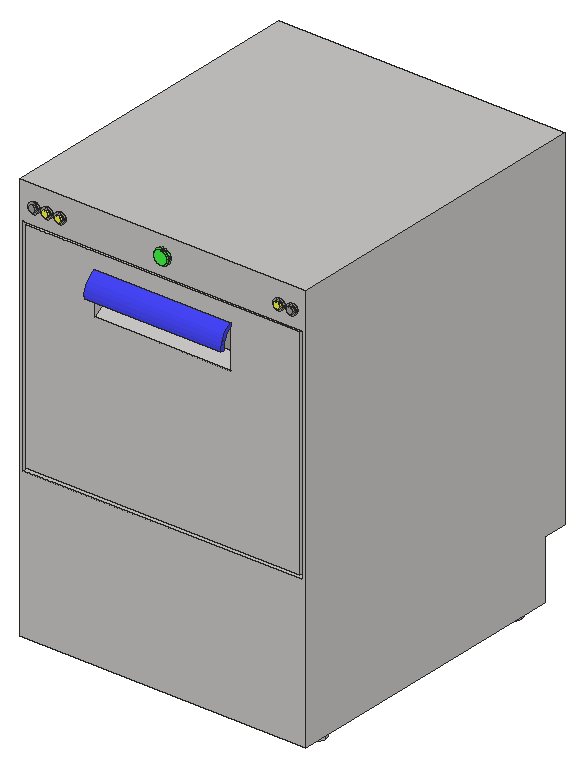
Revit family "QF_ELECTROLUXPROFESSIONAL_402276_EXSG6", category Specialty Equipment, Revit 2018
Family settings
  Round Connector Dimension = Use Diameter
  Part Type = Normal
  Work Plane-Based = No
  Always vertical = Yes
  Cut with Voids When Loaded = No
  Shared = No
  Room Calculation Point = No
Parameters
  Weight = 35.00 kg
  Watts = 0 W
  Volts = 0 V
  URL Manufacturer = ""
  URL = "http://professional.electrolux.com/"
  Steam Supply Size = 0 mm
  Steam Supply Minimum Pressure = 0.0 Pa
  Steam Supply Maximum Pressure = 0.0 Pa
  Steam Pounds per Hour = 0
  Show Logo [instance] = yes
  Show Clearance [instance] = yes
  Refrigeration Suction Line Size = 0 mm
  Refrigeration Liquid Line Size = 0 mm
  Refrigerant Compressor Remote = yes
  Manufacturer = ""
  Phase = 0
  Model = ""
  Length Actual = 440 mm  # constant formula
  Item Number = ""
  Hot Water Size = 0 mm
  Height Actual = 640 mm  # constant formula
  HP = "3.6 HP"
  Gas Size = 0 mm
  Gas KW = 0
  Gas Input Pressure = 0 W
  Direct Waste Size = 29 mm
  Description = ""
  Depth Actual = 497 mm  # constant formula
  Cycle = 0 Hz
  Condensate Return Size = 0 mm
  Compressed Air Volume = 0.0 L/s
  Compressed Air Size = 0 mm
  Compressed Air Pressure = 0.0 Pa
  Cold Water Size = 0 mm
  Accessory = yes
Types (2, lengths in mm): name | Volts | URL Manufacturer | URL | Manufacturer | Phase | Model | Item Number | Description | Cycle | Cold Water Size
  (no name) | 0 V | "" | "http://professional.electrolux.com/" | "" | 0 | "" | "" | "" | 0 Hz | 0
  Standard | 220 V | "http://professional.electrolux.com" | "http://professional.electrolux.com" | "Electrolux Professional" | 1 | "EXSG6" | "402276" | "GLASSWASHER(XS), SINGLE SKIN, DRAIN PUMP, DETERGENT DISPENSER, 60HZ, 30B/H" | 60 Hz | 19.05
Reference planes
  plane 1 "Center (Front/Back)": y = 0
  plane 2: z = 0
  plane 3 "Center (Left/Right)": x = 0
  plane 4 "LEFT": x = -220
  plane 5 "RIGHT": x = 220
  plane 6 "FRONT": y = -248.5
  plane 7 "BACK": y = 248.5
  plane 8: z = 640
  plane 9: z = 10
  plane 10: y = 209.5
Forms (mm)
  Extrusion 1, solid, material "QF_Finishes_Stainless Steel"
    sketch origin (0, 0, 0) x (1, 0, 0) y (0, 1, 0)
      loop
        line (-220, -248.5) -> (220, -248.5) -> (220, 209.5) -> (-220, 209.5) -> (-220, -248.5)
    from 10 to 640
  Extrusion 2, solid, material "QF_Finishes_Stainless Steel"
    sketch origin (0, 0, 0) x (1, 0, 0) y (0, 1, 0)
      loop
        line (-220, 209.5) -> (220, 209.5) -> (220, 248.5) -> (-220, 248.5) -> (-220, 209.5)
    from 100 to 640
  Extrusion 3, solid, material "QF_Finishes_Stainless Steel"
    sketch origin (0, 0, 0) x (1, 0, 0) y (0, 1, 0)
      loop
        circle (-200.5, 174.5) r 12.5
      loop
        circle (200.5, 174.5) r 12.5
      loop
        circle (-200.5, -201.5) r 12.5
      loop
        circle (200.5, -201.5) r 12.5
    from 0 to 10
  Extrusion 4, void
    sketch origin (-220, -248.5, 0) x (-1, 0, 0) y (0, 0, 1)
      loop
        line (-5, 583.217) -> (-435, 583.217) -> (-435, 240) -> (-5, 240) -> (-5, 583.217)
    from 0 to 30
  Extrusion 5, solid, material "QF_Finishes_Stainless Steel"
    sketch origin (-155, -431, 752) x (0, 0, -1) y (1, 0, 0)
      loop
        circle (693, 223) r 10
    from -640.5 to -679.5
  Extrusion 6, solid, material "QF_Door-Drawer Clearances", visible <- "Show Clearance", detail levels coarse
    sketch origin (-230, -282.5, 0) x (0, 1, 0) y (0, 0, -1)
      loop
        line (34, -245) -> (-259, -245)
        arc (-259, -245) -> (-178.223, -469.983) -> (34, -580) r 327.223
        line (34, -580) -> (34, -245)
    from -20 to -440
  Extrusion 7, solid, material "QF_Finishes_Stainless Steel"
    sketch origin (-434.481, -431, 722) x (0, 0, -1) y (1, 0, 0)
      loop
        circle (663, 332.481) r 8
    from -640.5 to -679.5
  Extrusion 8, solid, material "QF_Finishes_Stainless Steel"
    sketch origin (-230, -282.5, 0) x (0, 1, 0) y (0, 0, -1)
      loop
        line (34, -245) -> (34, -580) -> (59, -580) -> (59, -245) -> (34, -245)
    from -19.799 to -440
  Extrusion 9, solid, material "QF_Finishes_Stainless Steel"
    sketch origin (-275, -431, 682.5) x (0, 0, -1) y (1, 0, 0)
      loop
        circle (663, 238) r 8
    from -640.5 to -679.5
  Extrusion 10, solid, material "QF_Finishes_Green"
    sketch origin (-230, -248.5, 0) x (1, 0, 0) y (0, 0, 1)
      loop
        circle (230, 610.819) r 12
      loop
        circle (230, 610.819) r 10
    from 0 to 2.5
  Extrusion 11, void
    sketch origin (-225.452, 209.5, 42.5) x (0, 1, 0) y (0, 0, 1)
      loop
        line (-458, 508.217) -> (-458, 447.5) -> (-436.349, 460) -> (-458, 508.217)
    from 120.452 to 330.452
  Extrusion 12, solid, material "QF_Finishes_Blue"
    sketch origin (-220, 209.5, 0) x (0, -1, 0) y (0, 0, 1)
      loop
        line (458, 555.863) -> (458, 550.513)
        arc (458, 550.513) -> (469.966, 539.801) -> (472.861, 524.005) r 24.803
        line (472.861, 524.005) -> (477.907, 524.005)
        arc (477.907, 524.005) -> (473.605, 543.465) -> (458, 555.863) r 29.803
    from -325 to -115
  Extrusion 13, solid, material "QF_Finishes_Green"
    sketch origin (234, -248.5, -28.75) x (-1, 0, 0) y (0, 0, -1)
      loop
        circle (234, -639.569) r 10
    from 0 to 5
  Extrusion 14, solid, material "QF_Finishes_Gray"
    sketch origin (109.577, -248.5, -30.575) x (-1, 0, 0) y (0, 0, -1)
      loop
        circle (306.936, -638.972) r 5
    from 0 to 5
  Extrusion 15, solid, material "QF_Finishes_Gray"
    sketch origin (-63.82, -248.5, -35.2) x (1, 0, 0) y (0, 0, 1)
      loop
        circle (262.936, 643.347) r 8
      loop
        circle (262.936, 643.347) r 5
      loop
        circle (242.936, 643.347) r 8
      loop
        circle (242.936, 643.347) r 5
    from 0 to 2.5
  Extrusion 16, solid, material "QF_Finishes_Gray"
    sketch origin (-87.82, -248.5, -30.825) x (1, 0, 0) y (0, 0, 1)
      loop
        circle (286.936, 638.972) r 5
    from 0 to 5
  Extrusion 17, solid, material "QF_Finishes_Gray"
    sketch origin (85.577, -248.5, -34.95) x (-1, 0, 0) y (0, 0, -1)
      loop
        circle (262.936, -643.347) r 8
      loop
        circle (262.936, -643.347) r 5
      loop
        circle (242.936, -643.347) r 8
      loop
        circle (242.936, -643.347) r 5
      loop
        circle (282.936, -643.347) r 8
      loop
        circle (282.936, -643.347) r 5
    from 0 to 2.5
  Extrusion 18, solid, material "QF_Finishes_Yellow"
    sketch origin (129.577, -248.5, -30.575) x (-1, 0, 0) y (0, 0, -1)
      loop
        circle (306.936, -638.972) r 5
    from 0 to 5
  Extrusion 19, solid, material "QF_Finishes_Yellow"
    sketch origin (149.577, -248.5, -30.575) x (-1, 0, 0) y (0, 0, -1)
      loop
        circle (306.936, -638.972) r 5
    from 0 to 5
  Extrusion 20, solid, material "QF_Finishes_Yellow"
    sketch origin (486.051, -248.5, -30.825) x (-1, 0, 0) y (0, 0, -1)
      loop
        circle (306.936, -638.972) r 5
    from 0 to 5
Cuts and joins
  Extrusion 4 cuts Extrusion 1
  joined: Extrusion 1, Extrusion 2
  Extrusion 11 cuts Extrusion 8
Lines and regions (mm)
  Split face 1
    outline origin (-220, -248.5, 640) x (0, 0, -1) y (1, 0, 0)
      loop
        line (56.783, 5) -> (56.783, 0)
      loop
        line (56.783, 435) -> (56.783, 440)
      loop
        line (22.034, 440) -> (22.034, 369.297)
        arc (22.034, 369.297) -> (22.64, 366.25) -> (24.366, 363.667) r 7.962
        line (24.366, 363.667) -> (44.289, 343.744)
        arc (44.289, 343.744) -> (46.135, 340.982) -> (46.783, 337.723) r 8.515
        line (46.783, 337.723) -> (46.783, 239.844)
        arc (46.783, 239.844) -> (46.096, 238.186) -> (44.439, 237.5) r 2.344
        line (44.439, 237.5) -> (15.017, 237.5)
        arc (15.017, 237.5) -> (12.73, 236.553) -> (11.783, 234.266) r 3.234
        line (11.783, 234.266) -> (11.783, 220) -> (11.783, 205.734)
        arc (11.783, 205.734) -> (12.73, 203.447) -> (15.017, 202.5) r 3.234
        line (15.017, 202.5) -> (44.439, 202.5)
        arc (44.439, 202.5) -> (46.096, 201.814) -> (46.783, 200.156) r 2.344
        line (46.783, 200.156) -> (46.783, 102.277)
        arc (46.783, 102.277) -> (46.135, 99.018) -> (44.289, 96.256) r 8.515
        line (44.289, 96.256) -> (24.366, 76.333)
        arc (24.366, 76.333) -> (22.64, 73.75) -> (22.034, 70.703) r 7.962
        line (22.034, 70.703) -> (22.034, 0)
  symbolic lines
    curve 1: line (-220, 248.5, 0) -> (220, 248.5, 0)
    curve 2: line (-220, -248.5, 0) -> (-220, 248.5, 0)
    curve 3: line (220, -248.5, 0) -> (-220, -248.5, 0)
    curve 4: line (220, 248.5, 0) -> (220, -248.5, 0)
    curve 8: line (-12, -251, 0) -> (12, -251, 0)
    curve 9: line (12, -251, 0) -> (12, -248.5, 0)
    curve 10: line (-12, -251, 0) -> (-12, -248.5, 0)
    curve 11: line (-10, -253.5, 0) -> (10, -253.5, 0)
    curve 12: line (10, -253.5, 0) -> (10, -251, 0)
    curve 13: line (-10, -253.5, 0) -> (-10, -251, 0)
    curve 16: line (-205.359, -251, 0) -> (-205.359, -248.5, 0)
    curve 17: line (-189.368, -251, 0) -> (-189.368, -248.5, 0)
    curve 18: line (-202.346, -253.5, 0) -> (-192.355, -253.5, 0)
    curve 19: line (-192.355, -253.5, 0) -> (-192.355, -251, 0)
    curve 20: line (-202.346, -253.5, 0) -> (-202.346, -251, 0)
    curve 21: line (-185.355, -251, 0) -> (-169.355, -251, 0)
    curve 22: line (-169.355, -251, 0) -> (-169.355, -248.5, 0)
    curve 23: line (-185.355, -251, 0) -> (-185.355, -248.5, 0)
    curve 24: line (-182.355, -253.5, 0) -> (-172.355, -253.5, 0)
    curve 25: line (-172.355, -253.5, 0) -> (-172.355, -251, 0)
    curve 26: line (-182.355, -253.5, 0) -> (-182.355, -251, 0)
    curve 27: line (-165.355, -251, 0) -> (-149.355, -251, 0)
    curve 28: line (-149.355, -251, 0) -> (-149.355, -248.5, 0)
    curve 29: line (-165.355, -251, 0) -> (-165.355, -248.5, 0)
    curve 30: line (-162.355, -253.5, 0) -> (-152.355, -253.5, 0)
    curve 31: line (-152.355, -253.5, 0) -> (-152.355, -251, 0)
    curve 32: line (-162.355, -253.5, 0) -> (-162.355, -251, 0)
    curve 33: line (171.115, -251, 0) -> (187.115, -251, 0)
    curve 34: line (187.115, -251, 0) -> (187.115, -248.5, 0)
    curve 35: line (174.115, -253.5, 0) -> (184.115, -253.5, 0)
    curve 36: line (184.115, -253.5, 0) -> (184.115, -251, 0)
    curve 37: line (174.115, -253.5, 0) -> (174.115, -251, 0)
    curve 38: line (171.115, -251, 0) -> (171.115, -248.5, 0)
    curve 39: line (191.115, -251, 0) -> (207.115, -251, 0)
    curve 40: line (207.115, -251, 0) -> (207.115, -248.5, 0)
    curve 41: line (194.115, -253.5, 0) -> (204.115, -253.5, 0)
    curve 42: line (204.115, -253.5, 0) -> (204.115, -251, 0)
    curve 43: line (194.115, -253.5, 0) -> (194.115, -251, 0)
    curve 44: line (191.115, -251, 0) -> (191.115, -248.5, 0)
    curve 45: line (-105, -248.5, 0) -> (-105, -268.634, 0)
    curve 46: line (105, -248.5, 0) -> (105, -268.634, 0)
    curve 47: line (105, -268.634, 0) -> (-105, -268.634, 0)
  symbolic lines, style "QF_Door-Drawer Clearances"
    curve 5: line (-210, -541.5, 0) -> (210, -541.5, 0)
    curve 6: line (210, -541.5, 0) -> (210, -248.5, 0)
    curve 7: line (-210, -541.5, 0) -> (-210, -248.5, 0)
  symbolic lines, style "SpecialityEquipmentHiddenLines"
    curve 14: line (-220, 209.5, 0) -> (220, 209.5, 0)
  symbolic lines, style "SpecialityEquipment"
    curve 15: line (-205.359, -251, 0) -> (-189.368, -251, 0)
Dimensions and locks
  equal spacing: plane 4 "LEFT", plane 3 "Center (Left/Right)", plane 5 "RIGHT"
  equal spacing: plane 7 "BACK", plane 1 "Center (Front/Back)", plane 6 "FRONT"
  plane 7 "BACK" to plane 6 "FRONT" = 497 mm
  plane 4 "LEFT" to plane 5 "RIGHT" = 440 mm
  locked: plane 9 to level at 10
  plane 4 "LEFT" to plane 3 "Center (Left/Right)" = 220 mm
  plane 8 to level = 640 mm  (x2)
  level to Extrusion 9 sketch curve = 19.5 mm
  Extrusion 9 sketch curve to plane 4 "LEFT" = 183 mm
  level to Extrusion 5 sketch curve = 59 mm
  Extrusion 5 sketch curve to plane 4 "LEFT" = 288 mm
  Extrusion 7 sketch curve to plane 4 "LEFT" = 118 mm
  level to Extrusion 7 sketch curve = 59 mm
  Extrusion 3 to cut or joined group of Extrusion 1, Extrusion 2, Extrusion 4 = 74 mm
  Extrusion 3 to Extrusion 3 = 376 mm
  plane 6 "FRONT" to Extrusion 3 = 47 mm
  plane 1 "Center (Front/Back)" to plane 6 "FRONT" = 248.5 mm
  locked: plane 7 "BACK" to plane 10 at 39
  plane 6 "FRONT" to curve 5 = 293 mm
  Extrusion 8 to cut or joined group of Extrusion 1, Extrusion 2, Extrusion 4 = 340 mm
  aligned and locked: level to plane 2
  aligned and locked: Extrusion 1 sketch curve to plane 6 "FRONT"
  aligned and locked: Extrusion 1 sketch curve to plane 4 "LEFT"
  aligned and locked: plane 5 "RIGHT" to Extrusion 1 sketch curve
  aligned and locked: Extrusion 1 to plane 9
  aligned and locked: Extrusion 2 sketch curve to Extrusion 1
  aligned and locked: plane 7 "BACK" to Extrusion 2 sketch curve
  aligned and locked: plane 5 "RIGHT" to Extrusion 2 sketch curve
  aligned and locked: plane 9 to Extrusion 3
  aligned and locked: cut or joined group of Extrusion 1, Extrusion 2, Extrusion 4 to plane 10
Automatic sketch dimensions
  Extrusion 11 sketch curve to plane 6 "FRONT" = 0 mm
  plane 6 "FRONT" to Extrusion 11 sketch curve = 21.651 mm
  Extrusion 11 sketch curve to plane 8 = 150 mm
  Extrusion 11 sketch curve to Extrusion 11 sketch curve = 12.5 mm
  Extrusion 11 sketch curve to Extrusion 11 sketch curve = 48.217 mm
  Extrusion 13 sketch curve to Extrusion 13 sketch curve = 0 mm  (x2)
  Extrusion 13 sketch curve to plane 3 "Center (Left/Right)" = 0 mm
  Extrusion 13 sketch curve to plane 8 = 29.181 mm
  plane 3 "Center (Left/Right)" to Extrusion 13 sketch curve = 10 mm
  Extrusion 14 sketch curve to Extrusion 14 sketch curve = 0 mm  (x2)
  Extrusion 14 sketch curve to plane 8 = 31.603 mm
  Extrusion 14 sketch curve to plane 3 "Center (Left/Right)" = 197.359 mm
  Extrusion 14 sketch curve to Extrusion 14 sketch curve = 5 mm
  Extrusion 15 sketch curve to Extrusion 15 sketch curve = 0 mm  (x5)
  plane 3 "Center (Left/Right)" to Extrusion 15 sketch curve = 179.115 mm
  Extrusion 15 sketch curve to Extrusion 15 sketch curve = 20 mm
  Extrusion 15 sketch curve to plane 8 = 31.853 mm
  Extrusion 16 sketch curve to plane 8 = 31.853 mm
  plane 3 "Center (Left/Right)" to Extrusion 16 sketch curve = 199.115 mm
  Extrusion 16 sketch curve to Extrusion 16 sketch curve = 5 mm
  Extrusion 17 sketch curve to Extrusion 17 sketch curve = 0 mm  (x8)
  Extrusion 17 sketch curve to plane 3 "Center (Left/Right)" = 157.359 mm
  Extrusion 17 sketch curve to Extrusion 17 sketch curve = 20 mm  (x2)
  Extrusion 17 sketch curve to plane 8 = 31.603 mm
  Extrusion 18 sketch curve to Extrusion 18 sketch curve = 0 mm  (x2)
  Extrusion 18 sketch curve to plane 8 = 31.603 mm
  Extrusion 18 sketch curve to plane 3 "Center (Left/Right)" = 177.359 mm
  Extrusion 18 sketch curve to Extrusion 18 sketch curve = 5 mm
  Extrusion 19 sketch curve to Extrusion 19 sketch curve = 0 mm  (x2)
  Extrusion 19 sketch curve to plane 3 "Center (Left/Right)" = 157.359 mm
  Extrusion 19 sketch curve to plane 8 = 31.603 mm
  Extrusion 19 sketch curve to Extrusion 19 sketch curve = 5 mm
  Extrusion 20 sketch curve to Extrusion 20 sketch curve = 0 mm  (x2)
  plane 3 "Center (Left/Right)" to Extrusion 20 sketch curve = 179.115 mm
  Extrusion 20 sketch curve to plane 8 = 31.853 mm
  Extrusion 20 sketch curve to Extrusion 20 sketch curve = 5 mm
  Extrusion 6 sketch curve to plane 6 "FRONT" = 0 mm
  Extrusion 6 sketch curve to plane 6 "FRONT" = 293 mm
  plane 6 "FRONT" to Extrusion 6 sketch curve = 34.083 mm
  Extrusion 6 sketch curve to plane 8 = 60 mm
  level to Extrusion 6 sketch curve = 254.557 mm
  Extrusion 1 sketch curve to plane 10 = 0 mm
  Extrusion 2 sketch curve to plane 10 = 0 mm
  plane 4 "LEFT" to Extrusion 3 sketch curve = 19.5 mm  (x2)
  Extrusion 3 sketch curve to plane 5 "RIGHT" = 19.5 mm  (x2)
  plane 6 "FRONT" to Extrusion 3 sketch curve = 47 mm  (x2)
  Extrusion 3 sketch curve to plane 10 = 35 mm  (x2)
  Extrusion 4 sketch curve to Extrusion 1 = 5 mm  (x2)
  Extrusion 4 sketch curve to Extrusion 1 = 230 mm
  Extrusion 4 sketch curve to Extrusion 1 = 56.783 mm
  Extrusion 8 sketch curve to plane 6 "FRONT" = 0 mm
  Extrusion 8 sketch curve to Extrusion 8 sketch curve = 25 mm
  Extrusion 8 sketch curve to plane 8 = 60 mm
  plane 9 to Extrusion 8 sketch curve = 235 mm
  Extrusion 10 sketch curve to Extrusion 10 sketch curve = 0 mm  (x2)
  Extrusion 1 to Extrusion 10 sketch curve = 29.181 mm
  Extrusion 1 to Extrusion 10 sketch curve = 220 mm
  Extrusion 12 sketch curve to Extrusion 12 sketch curve = 0 mm  (x2)
  Extrusion 12 sketch curve to Extrusion 1 = 0 mm
  Extrusion 12 sketch curve to Extrusion 1 = 9.669 mm
  Extrusion 1 to Extrusion 12 sketch curve = 14.861 mm
  Extrusion 12 sketch curve to Extrusion 12 sketch curve = 5.046 mm
  Extrusion 1 to Extrusion 12 sketch curve = 115.995 mm
  Extrusion 12 sketch curve to Extrusion 12 sketch curve = 3.668 mm
  cut or joined group of Extrusion 1, Extrusion 2, Extrusion 4 to Split face 1 sketch curve = 0 mm  (x2)
  Split face 1 sketch curve to cut or joined group of Extrusion 1, Extrusion 2, Extrusion 4 = 0 mm  (x6)
  cut or joined group of Extrusion 1, Extrusion 2, Extrusion 4 to Split face 1 sketch curve = 10 mm  (x2)
  Split face 1 sketch curve to Split face 1 sketch curve = 2.344 mm  (x2)
  Split face 1 sketch curve to Split face 1 sketch curve = 2.494 mm  (x2)
  Split face 1 sketch curve to Split face 1 sketch curve = 8.515 mm  (x2)
  cut or joined group of Extrusion 1, Extrusion 2, Extrusion 4 to Split face 1 sketch curve = 26.786 mm  (x2)
  Split face 1 sketch curve to Split face 1 sketch curve = 5.63 mm  (x2)
  Split face 1 sketch curve to Split face 1 sketch curve = 2.332 mm  (x2)
  Split face 1 sketch curve to cut or joined group of Extrusion 1, Extrusion 2, Extrusion 4 = 15.017 mm  (x2)
  Split face 1 sketch curve to cut or joined group of Extrusion 1, Extrusion 2, Extrusion 4 = 11.783 mm
  Split face 1 sketch curve to cut or joined group of Extrusion 1, Extrusion 2, Extrusion 4 = 65.703 mm
  Split face 1 sketch curve to Split face 1 sketch curve = 19.923 mm  (x2)
  Split face 1 sketch curve to Split face 1 sketch curve = 97.879 mm
  Split face 1 sketch curve to Split face 1 sketch curve = 14.266 mm  (x2)
  Split face 1 sketch curve to cut or joined group of Extrusion 1, Extrusion 2, Extrusion 4 = 97.277 mm
  curve 1 to plane 4 "LEFT" = 0 mm
  curve 7 to plane 6 "FRONT" = 0 mm
  curve 3 to plane 5 "RIGHT" = 0 mm
  curve 14 to plane 10 = 0 mm
  curve 2 to plane 7 "BACK" = 0 mm
  plane 4 "LEFT" to curve 5 = 10 mm
  curve 15 to plane 6 "FRONT" = 2.5 mm
  curve 7 to curve 15 = 4.641 mm
  curve 15 to curve 20 = 3.013 mm
  curve 18 to curve 18 = 9.991 mm
  curve 19 to curve 15 = 2.987 mm
  curve 15 to curve 21 = 4.013 mm
  curve 21 to curve 26 = 3 mm
  curve 24 to plane 6 "FRONT" = 5 mm
  curve 24 to curve 24 = 10 mm
  curve 25 to curve 22 = 3 mm
  curve 21 to curve 29 = 4 mm
  curve 27 to curve 32 = 3 mm
  curve 31 to plane 6 "FRONT" = 5 mm
  curve 30 to curve 31 = 10 mm
  curve 31 to curve 27 = 3 mm
  curve 8 to plane 6 "FRONT" = 2.5 mm
  curve 8 to plane 3 "Center (Left/Right)" = 12 mm
  curve 8 to curve 11 = 2 mm
  plane 3 "Center (Left/Right)" to curve 12 = 10 mm
  curve 12 to curve 9 = 2 mm
  curve 33 to plane 6 "FRONT" = 2.5 mm
  curve 33 to plane 5 "RIGHT" = 48.885 mm
  curve 33 to curve 37 = 3 mm
  curve 35 to plane 6 "FRONT" = 5 mm
  curve 35 to curve 35 = 10 mm
  curve 36 to curve 34 = 3 mm
  curve 33 to curve 39 = 4 mm
  curve 39 to curve 43 = 3 mm
  curve 42 to plane 6 "FRONT" = 5 mm
  curve 41 to curve 42 = 10 mm
  curve 42 to curve 39 = 3 mm
  curve 6 to plane 5 "RIGHT" = 10 mm
  curve 11 to curve 13 = 2.5 mm
  curve 20 to curve 20 = 2.5 mm
  curve 44 to plane 6 "FRONT" = 2.5 mm
  curve 21 to plane 6 "FRONT" = 2.5 mm
  curve 27 to plane 6 "FRONT" = 2.5 mm
  curve 27 to curve 45 = 44.355 mm
  curve 46 to plane 6 "FRONT" = 20.134 mm
  curve 46 to curve 33 = 66.115 mm
  radius of Extrusion 5 sketch curve = 10 mm
  radius of Extrusion 7 sketch curve = 8 mm
  radius of Extrusion 9 sketch curve = 8 mm
  radius of Extrusion 15 sketch curve = 8 mm  (x2)
  radius of Extrusion 15 sketch curve = 5 mm  (x2)
  radius of Extrusion 17 sketch curve = 8 mm  (x3)
  radius of Extrusion 17 sketch curve = 5 mm  (x3)
  radius of Extrusion 3 sketch curve = 12.5 mm  (x4)
  radius of Extrusion 10 sketch curve = 12 mm
  radius of Extrusion 10 sketch curve = 10 mm
Connectors
  piping at (68, 248.5, 59), diameter 20
    settings: on Extrusion 5, index 1, connector inside diameter 609.6 mm, connector length 0 mm, flow factor 0, pipe flow 0.0 L/s, pressure drop 0.0 Pa, fitting loss kfactor 0, connector angle 0.00°, fixture units 0, engagement length 0 mm, angle of deflection 0.00°, flow configuration 1, flow direction 1, fitting loss method 0, system type 16, joint type 0, gender type 0, connector reference index -1, connector utility 0, adjustable connector no, is connector primary yes, connector description "Drain"
  piping at (-102, 248.5, 59), driven by "Cold Water Size"
    settings: on Extrusion 7, index 3, connector diameter 0 mm, connector inside diameter 609.6 mm, connector length 0 mm, flow factor 0, pipe flow 0.0 L/s, pressure drop 0.0 Pa, fitting loss kfactor 0, connector angle 0.00°, fixture units 0, engagement length 0 mm, angle of deflection 0.00°, flow configuration 1, flow direction 1, fitting loss method 0, system type 20, joint type 0, gender type 0, connector reference index -1, connector utility 0, adjustable connector no, is connector primary no, connector description "Cold Water Inlet"
  electrical at (-37, 248.5, 19.5), driven by "Volts"
    settings: on Extrusion 9, index 4, voltage 0 V, apparent load 0 VA, apparent load phase1 0 VA, apparent load phase2 0 VA, apparent load phase3 0 VA, power factor 1, load classification "Altro", number of poles 1, system type 31, power factor state 1, is connector primary yes, connector utility no, sub classification motor no, connector description "Electrical Connection"
